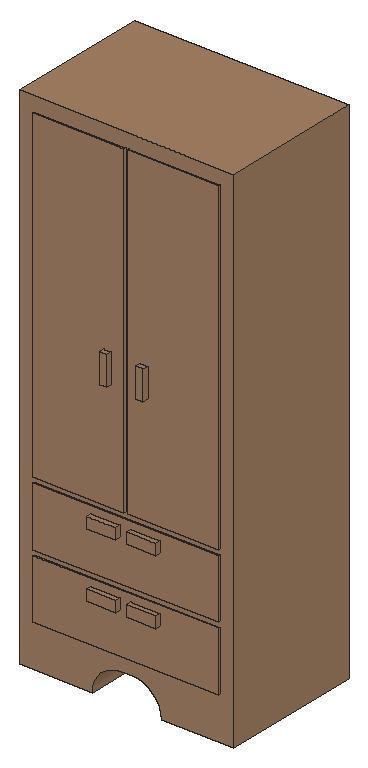
Revit family "RYN_FUR_Wardrobe-Single", category Furniture, Revit 2025
Family settings
  Work Plane-Based = No
  Enable Cutting in Views = No
  Always vertical = Yes
  Cut with Voids When Loaded = No
  Render Appearance Source = Family Geometry
  Shared = No
  Room Calculation Point = No
Parameters (values of type "750 x 1800 x 500mm")
  Keynote = "N"
  Default Elevation = 0 mm
  Assembly Code = ""
  Depth = 500 mm
  Material = Wood - Mahogany
  Height = 1800 mm
  Width = 750 mm
Reference planes
  plane 1 "Center F/B": y = -583.739
  plane 2: z = 0
  plane 3 "Center L/R": x = -269.193
  plane 4 "Back": y = -333.739
  plane 5 "Front": y = -833.739
  plane 6 "Right": x = 105.807
  plane 7 "Left": x = -644.193
  plane 8: z = 1800
  plane 9: x = -288.593
  plane 10: x = -249.793
  plane 11: z = 1749.2
  plane 12: z = 152.4
  plane 13: x = -593.393
  plane 14: x = 55.007
  plane 15: z = 1765.3
  plane 16: x = -390.193
  plane 17: x = -288.593
  plane 18: x = -148.193
  plane 19: x = -249.793
  plane 20: z = 608.629
  plane 21: z = 380.514
  plane 22: x = -218.393
  plane 23: x = -319.993
  plane 24: z = 589.579
  plane 25: z = 361.464
  plane 26: z = 1521.086
  plane 27: z = 1292.971
  plane 28: z = 1064.857
  plane 29: z = 836.743
  plane 30: y = -859.139
  plane 31: z = 564.179
  plane 32: z = 526.079
  plane 33: z = 336.064
  plane 34: z = 297.964
  plane 35: x = -345.393
  plane 36: x = -192.993
  plane 37: y = -840.089
Forms (mm)
  Extrusion 1, solid, material "Wood - Mahogany" <- "Material"
    sketch origin (0, -833.739, 0) x (1, 0, 0) y (0, 0, 1)
      loop
        line (-148.193, 0) -> (105.807, 0) -> (105.807, 1800) -> (-644.193, 1800) -> (-644.193, 0) -> (-390.193, 0)
        arc (-390.193, 0) -> (-360.435, 71.842) -> (-288.593, 101.6) r 101.6
        line (-288.593, 101.6) -> (-249.793, 101.6)
        arc (-249.793, 101.6) -> (-177.951, 71.842) -> (-148.193, 0) r 101.6
    from 0 to -500
  Extrusion 2, solid, material "Wood - Mahogany" <- "Material"
    sketch origin (0, -833.739, 0) x (1, 0, 0) y (0, 0, 1)
      loop
        line (-593.393, 589.579) -> (-593.393, 380.514) -> (55.007, 380.514) -> (55.007, 589.579) -> (-593.393, 589.579)
      loop
        line (-593.393, 361.464) -> (-593.393, 152.4) -> (55.007, 152.4) -> (55.007, 361.464) -> (-593.393, 361.464)
      loop
        line (-593.393, 1749.2) -> (-593.393, 608.629) -> (-275.543, 608.629) -> (-275.543, 1749.2) -> (-593.393, 1749.2)
      loop
        line (55.007, 608.629) -> (55.007, 1749.2) -> (-262.843, 1749.2) -> (-262.843, 608.629) -> (55.007, 608.629)
    from 0 to 6.35
  Extrusion 3, solid, material "Wood - Mahogany" <- "Material"
    sketch origin (0, -833.739, 0) x (1, 0, 0) y (0, 0, 1)
      loop
        line (-345.393, 1095.7) -> (-345.393, 994.1) -> (-319.993, 994.1) -> (-319.993, 1095.7) -> (-345.393, 1095.7)
      loop
        line (-218.393, 1095.7) -> (-218.393, 994.1) -> (-192.993, 994.1) -> (-192.993, 1095.7) -> (-218.393, 1095.7)
      loop
        line (-390.193, 564.179) -> (-390.193, 526.079) -> (-288.593, 526.079) -> (-288.593, 564.179) -> (-390.193, 564.179)
      loop
        line (-148.193, 564.179) -> (-249.793, 564.179) -> (-249.793, 526.079) -> (-148.193, 526.079) -> (-148.193, 564.179)
      loop
        line (-249.793, 336.064) -> (-249.793, 297.964) -> (-148.193, 297.964) -> (-148.193, 336.064) -> (-249.793, 336.064)
      loop
        line (-390.193, 336.064) -> (-390.193, 297.964) -> (-288.593, 297.964) -> (-288.593, 336.064) -> (-390.193, 336.064)
    from 6.35 to 25.4
Lines and regions (mm)
  Masking region 1
    outline origin (0, 0, 0) x (1, 0, 0) y (0, 1, 0)
      loop
        line (-644.193, -333.739) -> (-644.193, -833.739) -> (-390.193, -833.739) -> (-390.193, -859.139) -> (-288.593, -859.139) -> (-288.593, -833.739) -> (-249.793, -833.739) -> (-249.793, -859.139) -> (-148.193, -859.139) -> (-148.193, -833.739) -> (105.807, -833.739) -> (105.807, -333.739) -> (-644.193, -333.739)
  symbolic lines
    curve 1: line (-644.193, -333.739, 0) -> (105.807, -333.739, 0)
    curve 2: line (-644.193, -333.739, 0) -> (-644.193, -833.739, 0)
    curve 3: line (-644.193, -833.739, 0) -> (105.807, -833.739, 0)
    curve 4: line (105.807, -333.739, 0) -> (105.807, -833.739, 0)
    curve 5: line (-249.793, -859.139, 0) -> (-148.193, -859.139, 0)
    curve 6: line (-249.793, -833.739, 0) -> (-249.793, -859.139, 0)
    curve 7: line (-148.193, -833.739, 0) -> (-249.793, -833.739, 0)
    curve 8: line (-148.193, -859.139, 0) -> (-148.193, -833.739, 0)
    curve 9: line (-288.593, -859.139, 0) -> (-390.193, -859.139, 0)
    curve 10: line (-288.593, -859.139, 0) -> (-288.593, -833.739, 0)
    curve 11: line (-390.193, -833.739, 0) -> (-390.193, -859.139, 0)
Dimensions and locks
  equal spacing: plane 7 "Left", plane 3 "Center L/R", plane 6 "Right"
  equal spacing: plane 5 "Front", plane 1 "Center F/B", plane 4 "Back"
  "Width": plane 7 "Left" to plane 6 "Right"
  "Depth": plane 5 "Front" to plane 4 "Back"
  "Height": plane 8 to plane 2
  locked: plane 7 "Left" to plane 9 at 355.6
  locked: plane 6 "Right" to plane 10 at 355.6
  locked: plane 8 to plane 11 at 50.8
  plane 12 to plane 2 = 152.4 mm
  locked: plane 7 "Left" to plane 13 at 50.8
  locked: plane 14 to plane 6 "Right" at 50.8
  plane 7 "Left" to plane 16 = 254 mm
  plane 6 "Right" to plane 18 = 254 mm
  equal spacing: plane 11, plane 26, plane 27, plane 28, plane 29, plane 20, plane 21, plane 12
  plane 20 to plane 24 = 19.05 mm
  plane 21 to plane 25 = 19.05 mm
  plane 16 to plane 17 = 101.6 mm
  plane 19 to plane 18 = 101.6 mm
  locked: plane 30 to plane 5 "Front" at 25.4
  plane 24 to plane 31 to plane 32 = 25.4 mm, 38.1 mm
  plane 25 to plane 33 to plane 34 = 25.4 mm, 38.1 mm
  locked: plane 23 to plane 35 at 25.4
  locked: plane 22 to plane 36 at 25.4
  locked: plane 5 "Front" to plane 37 at 6.35
  aligned and locked: Extrusion 1 to plane 4 "Back"
  aligned and locked: curve 3 to curve 8
  aligned and locked: plane 37 to Extrusion 2
  aligned and locked: Extrusion 3 to plane 37
  aligned and locked: plane 30 to Extrusion 3
  aligned and locked: plane 4 "Back" to curve 1
  aligned and locked: plane 7 "Left" to curve 2
  aligned and locked: plane 6 "Right" to curve 4
  aligned and locked: plane 5 "Front" to curve 3
  aligned and locked: plane 19 to curve 6
  aligned and locked: plane 18 to curve 8
  aligned and locked: plane 30 to curve 5
  aligned and locked: curve 9 to Extrusion 3
  aligned and locked: curve 10 to Extrusion 3
  aligned and locked: curve 11 to plane 16
  aligned and locked: Masking region 1 sketch curve to curve 2
  aligned and locked: Masking region 1 sketch curve to curve 3
  aligned and locked: Masking region 1 sketch curve to curve 4
  aligned and locked: Masking region 1 sketch curve to curve 1
  aligned and locked: Masking region 1 sketch curve to curve 10
  aligned and locked: Masking region 1 sketch curve to curve 9
  aligned and locked: Masking region 1 sketch curve to curve 11
  aligned and locked: Masking region 1 sketch curve to curve 5
  aligned and locked: Masking region 1 sketch curve to curve 8
  aligned and locked: Masking region 1 sketch curve to curve 6
Automatic sketch dimensions
  Extrusion 1 sketch curve to level = 0 mm  (x2)
  Extrusion 1 sketch curve to plane 7 "Left" = 0 mm
  Extrusion 1 sketch curve to plane 9 = 0 mm
  Extrusion 1 sketch curve to plane 10 = 0 mm
  Extrusion 1 sketch curve to plane 6 "Right" = 0 mm
  Extrusion 1 sketch curve to Extrusion 1 sketch curve = 101.6 mm
  Extrusion 1 sketch curve to plane 8 = 0 mm
  Extrusion 2 sketch curve to plane 11 = 0 mm  (x2)
  Extrusion 2 sketch curve to plane 13 = 0 mm  (x3)
  Extrusion 2 sketch curve to plane 20 = 0 mm  (x2)
  Extrusion 2 sketch curve to plane 14 = 0 mm  (x3)
  Extrusion 2 sketch curve to plane 3 "Center L/R" = 6.35 mm
  plane 3 "Center L/R" to Extrusion 2 sketch curve = 6.35 mm
  Extrusion 3 sketch curve to plane 16 = 0 mm  (x2)
  Extrusion 3 sketch curve to plane 17 = 0 mm  (x2)
  Extrusion 3 sketch curve to plane 35 = 0 mm
  Extrusion 3 sketch curve to plane 23 = 0 mm
  Extrusion 3 sketch curve to plane 22 = 0 mm
  Extrusion 3 sketch curve to plane 36 = 0 mm
  Extrusion 3 sketch curve to plane 19 = 0 mm  (x2)
  Extrusion 3 sketch curve to plane 18 = 0 mm  (x2)
  Extrusion 3 sketch curve to plane 34 = 0 mm  (x2)
  Extrusion 3 sketch curve to plane 33 = 0 mm  (x2)
  Extrusion 3 sketch curve to plane 32 = 0 mm  (x2)
  Extrusion 3 sketch curve to plane 31 = 0 mm  (x2)
  plane 28 to Extrusion 3 sketch curve = 70.757 mm  (x2)
  Extrusion 3 sketch curve to plane 28 = 30.843 mm  (x2)
  Extrusion 2 sketch curve to plane 12 = 0 mm
  Extrusion 2 sketch curve to plane 25 = 0 mm
  Extrusion 2 sketch curve to plane 21 = 0 mm
  Extrusion 2 sketch curve to plane 24 = 0 mm
  Masking region 1 sketch curve to plane 5 "Front" = 0 mm  (x2)
